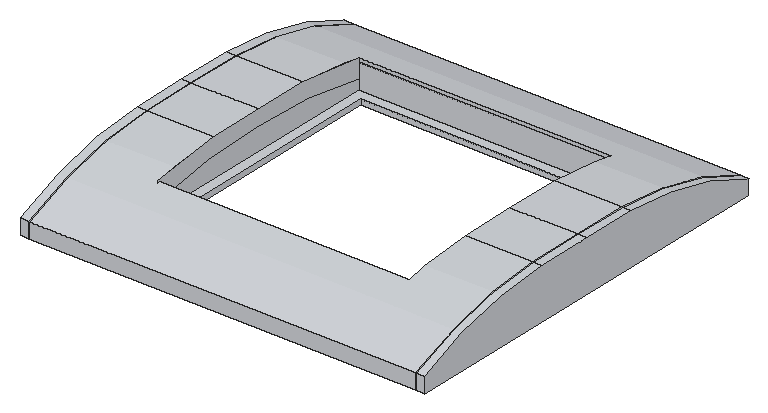
Revit family "Gira_0211808", category Electrical Fixtures, host Face, Revit 2017
Family settings
  Host = Face
  Maintain Annotation Orientation = No
  Round Connector Dimension = Use Diameter
  Part Type = Normal
  Cut with Voids When Loaded = No
  Shared = No
  Room Calculation Point = No
Parameters (values of type "Abdeckrahmen 1f Zwischenr. AN Gira Event Reinweiß")
  Werkstoffgüte = "Thermoplast"
  Werkstoff = "Kunststoff"
  URL = "http://katalog.gira.de/de_DE/datenblatt.html?artikelnr=0211808"
  Transparent = "No"
  Textfeld/Beschriftungsfläche = "No"
  Schutzart (IP) = "IP20"
  Region = "DE"
  Oberfläche = "sonstige"
  Name = "Abdeckrahmen 1f Zwischenr. AN Gira Event Reinweiß"
  Montagerichtung = "horizontal und vertikal"
  Mit Montagerahmen = "No"
  Mit Klappdeckel = "No"
  Manufacturer URL = "https://www.gira.de/"
  Keynote = "Event_Rahmen_1fach"
  HeinzeBIM = "https://bimportal.heinze.de/bim/abdeckrahmen-1f-zwischenr-an-gira-event-reinweiss/d3f2b661c2df8e910b0d9f67c6a04d7685bf3feb"
  Halogenfrei = "Yes"
  HAN = "0211808"
  Geeignet für Unterputz-Installation = "Yes"
  Geeignet für Unterflurkanaldose = "No"
  Geeignet für Geräteeinbaukanal = "No"
  Geeignet für Einbauinstallation = "No"
  GTIN = "4010337070115"
  Farbe = "weiß"
  Default Elevation = 1219.2 mm
  Data sheet (1) = "https://katalog.gira.de/de_DE/download.html?artikelnr=0211808"
  Category = "Abdeckrahmen"
  Befestigungsart = "Klemmbefestigung"
  Available = "Yes"
  Anzahl der Einheiten vertikal = "1 "
  Anzahl der Einheiten horizontal = "1 "
  Anzahl der Einheiten = "1 "
Reference planes
  plane 1 "Center (Front/Back)": y = 0
  plane 2: z = 0
  plane 3 "Center (Left/Right)": x = 0
Forms (mm)
  Extrusion 1, solid, detail levels fine
    sketch origin (0, 0, 1.55) x (0, 1, 0) y (0, 0, 1)
      loop
        arc (12.445, 9.683) -> (6.223, 9.833) -> (0, 9.85) r 291.636
        arc (0, 9.85) -> (-6.223, 9.833) -> (-12.445, 9.683) r 291.636
        arc (-12.445, 9.683) -> (-29.14, 7.482) -> (-45, 1.823) r 79.728
        line (-45, 1.823) -> (-45, -1.55) -> (-41.777, -1.55) -> (-41.777, -0.55)
        arc (-41.777, -0.55) -> (-21.205, 4.846) -> (0, 6.467) r 118.15
        arc (0, 6.467) -> (21.205, 4.846) -> (41.777, -0.55) r 118.15
        line (41.777, -0.55) -> (41.777, -1.55) -> (45, -1.55) -> (45, 1.823)
        arc (45, 1.823) -> (29.14, 7.482) -> (12.445, 9.683) r 79.728
    from -43 to 43
  Extrusion 2, void, detail levels fine
    sketch origin (0, 0, 0) x (1, 0, 0) y (0, 1, 0)
      loop
        line (-28, -28) -> (28, -28) -> (28, 28) -> (-28, 28) -> (-28, -28)
    from 2.85 to 12
  Extrusion 3, solid, detail levels coarse
    sketch origin (0, 0, 0) x (1, 0, 0) y (0, 1, 0)
      loop
        line (-45, 45) -> (-45, -45) -> (45, -45) -> (45, 45) -> (-45, 45)
    from 0 to 11.4
  Extrusion 4, solid, detail levels medium
    sketch origin (0, 0, 1.55) x (0, 1, 0) y (0, 0, 1)
      loop
        arc (12.445, 9.683) -> (6.223, 9.833) -> (0, 9.85) r 291.636
        arc (0, 9.85) -> (-6.223, 9.833) -> (-12.445, 9.683) r 291.636
        arc (-12.445, 9.683) -> (-29.14, 7.482) -> (-45, 1.823) r 79.728
        line (-45, 1.823) -> (-45, -1.55) -> (45, -1.55) -> (45, 1.823)
        arc (45, 1.823) -> (29.14, 7.482) -> (12.445, 9.683) r 79.728
    from -45 to 45
  Extrusion 5, solid, detail levels fine
    sketch origin (0, 0, 0) x (0, 1, 0) y (0, 0, 1)
      loop
        arc (45, 3.373) -> (29.14, 9.032) -> (12.445, 11.233) r 79.728
        arc (12.445, 11.233) -> (6.223, 11.383) -> (0, 11.4) r 291.636
        arc (0, 11.4) -> (-6.223, 11.383) -> (-12.445, 11.233) r 291.636
        arc (-12.445, 11.233) -> (-29.14, 9.032) -> (-45, 3.373) r 79.728
        line (-45, 3.373) -> (-45, 0) -> (45, 0) -> (45, 3.373)
    from 43 to 45
  Extrusion 6, solid, detail levels fine
    sketch origin (0, 0, 0) x (0, 1, 0) y (0, 0, -1)
      loop
        line (45, -3.373) -> (45, 0) -> (-45, 0) -> (-45, -3.373)
        arc (-45, -3.373) -> (-29.14, -9.032) -> (-12.445, -11.233) r 79.728
        arc (-12.445, -11.233) -> (-6.223, -11.383) -> (0, -11.4) r 291.636
        arc (0, -11.4) -> (6.223, -11.383) -> (12.445, -11.233) r 291.636
        arc (12.445, -11.233) -> (29.14, -9.032) -> (45, -3.373) r 79.728
    from 43 to 45
  Extrusion 7, solid, detail levels fine
    sketch origin (0, 0, 0) x (1, 0, 0) y (0, 1, 0)
      loop
        line (-25.7, 25.7) -> (-25.7, -25.7) -> (25.7, -25.7) -> (25.7, 25.7) -> (-25.7, 25.7)
      loop
        line (-29.495, 27.895) -> (-29.495, -27.895)
        spline (-29.495, -27.895) -> (-29.486, -28.025) -> (-29.461, -28.154) -> (-29.419, -28.278) -> (-29.361, -28.395) -> (-29.288, -28.504) -> (-29.202, -28.602) -> (-29.104, -28.688) -> (-28.995, -28.761) -> (-28.878, -28.819) -> (-28.754, -28.861) -> (-28.625, -28.886) -> (-28.495, -28.895)
        line (-28.495, -28.895) -> (28.495, -28.895)
        spline (28.495, -28.895) -> (28.625, -28.886) -> (28.754, -28.861) -> (28.878, -28.819) -> (28.995, -28.761) -> (29.104, -28.688) -> (29.202, -28.602) -> (29.288, -28.504) -> (29.361, -28.395) -> (29.419, -28.278) -> (29.461, -28.154) -> (29.486, -28.025) -> (29.495, -27.895)
        line (29.495, -27.895) -> (29.495, 27.895)
        spline (29.495, 27.895) -> (29.486, 28.025) -> (29.461, 28.154) -> (29.419, 28.278) -> (29.361, 28.395) -> (29.288, 28.504) -> (29.202, 28.602) -> (29.104, 28.688) -> (28.995, 28.761) -> (28.878, 28.819) -> (28.754, 28.861) -> (28.625, 28.886) -> (28.495, 28.895)
        line (28.495, 28.895) -> (-28.495, 28.895)
        spline (-28.495, 28.895) -> (-28.625, 28.886) -> (-28.754, 28.861) -> (-28.878, 28.819) -> (-28.995, 28.761) -> (-29.104, 28.688) -> (-29.202, 28.602) -> (-29.288, 28.504) -> (-29.361, 28.395) -> (-29.419, 28.278) -> (-29.461, 28.154) -> (-29.486, 28.025) -> (-29.495, 27.895)
    from 1.673 to 8.5
Cuts and joins
  Extrusion 2 cuts Extrusion 1
  Extrusion 2 cuts Extrusion 7
Dimensions and locks
  aligned and locked: plane 2 to host face
  aligned and locked: level to host face
